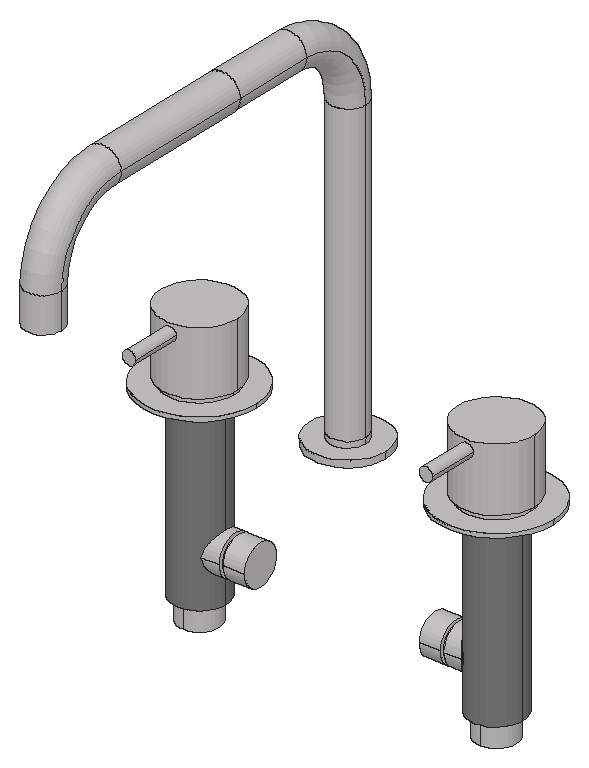
Revit family "KV4", category Generic Models, Revit 2021
Family settings
  Can host rebar = No
  Round Connector Dimension = Use Diameter
  Part Type = Normal
  Work Plane-Based = No
  Always vertical = Yes
  Cut with Voids When Loaded = No
  Shared = No
  Room Calculation Point = No
Parameters (values of type "Standard")
  e-mail = "info@vola.com"
  URL = "http://vola.com"
  Telephone = "+45 7023 5500"
  Quality management standard = "ISO 9001"
  Organisation no. / DUNS no. = "17531328"
  Occupational health and safety management standard = "ISO 18001"
  Mounting Instructions = "http://vola.com/service/producturl.ashx?name=KV4"
  Model = "KV4"
  Materials and components information = "http://vola.com/service/producturl.ashx?name=KV4"
  Manufacturer = "VOLA A/S"
  Maintenance Instructions = "http://vola.com/service/producturl.ashx?name=KV4"
  Guarantee = "2 years"
  Flow = "9,00 l/min"
  Environmental management standard = "ISO 14000"
  Default Elevation = 0.00 mm
  Connection - All relevant connections = "½\" for water connection"
  Approvals = "http://vola.com/service/producturl.ashx?name=KV4"
Reference planes
  plane 1 "Center (Front/Back)": y = 0
  plane 2: z = 0
  plane 3 "Center (Left/Right)": x = 0
Dimensions and locks
  aligned and locked: plane 2 to level
Nested families
  nested 1: "090" at (0, 0, 0), type "090"
  nested 2: "S50" at (78, 0, 0), type "S50"
  nested 3: "S50" at (-78, 0, 0) x (-1, 0, 0) z (0, 0, 1), type "S50"
  nested 4: "001" at (-78, 0, 0), type "001"
  nested 5: "001" at (78, 0, 0), type "001"
Connectors
  piping at (-78, 0, -110), diameter 20.9
    settings: on nested 3, index 1, connector inside diameter 0.82283", connector length 0.00 mm, flow factor 0, pipe flow 0 GPM, pressure drop 0.00 psi, fitting loss kfactor 0, connector angle 0.00°, fixture units 0, engagement length 0.00 mm, angle of deflection 0.00°, flow configuration 0, flow direction 1, fitting loss method 0, system type 19, joint type 0, gender type 0, connector reference index -1, connector utility 0, adjustable connector no, is connector primary yes, connector description ""
  piping at (78, 0, -110), diameter 20.9
    settings: on nested 2, index 2, connector inside diameter 0.82283", connector length 0.00 mm, flow factor 0, pipe flow 0 GPM, pressure drop 0.00 psi, fitting loss kfactor 0, connector angle 0.00°, fixture units 0, engagement length 0.00 mm, angle of deflection 0.00°, flow configuration 0, flow direction 1, fitting loss method 0, system type 20, joint type 0, gender type 0, connector reference index -1, connector utility 0, adjustable connector no, is connector primary no, connector description ""
Definition of nested family "090"
  Parameters
    e-mail = "info@vola.com"
    URL = "http://vola.com"
    Telephone = "+45 7023 5500"
    Quality management standard = "ISO 9001"
    Organisation no. / DUNS no. = "17531328"
    Occupational health and safety management standard = "ISO 18001"
    Mounting Instructions = "http://vola.com/service/producturl.ashx?name=090"
    Model = "090"
    Materials and components information = "http://vola.com/service/producturl.ashx?name=090"
    Manufacturer = "VOLA A/S"
    Maintenance Instructions = "http://vola.com/service/producturl.ashx?name=090"
    Guarantee = "2 years"
    Environmental management standard = "ISO 14000"
    Default Elevation = 0.00 mm
    Connection - All relevant connections = ""
    Approvals = "http://vola.com/service/producturl.ashx?name=090"
  Reference planes
    plane 1 "Center (Front/Back)": y = 0
    plane 2: z = 0
    plane 3 "Center (Left/Right)": x = 0
  Forms (mm)
    Sweep 1, solid
      path origin (0, 0, 0) x (0, 1, 0) y (0, 0, 1)
        loop
          line (0, 6.5) -> (0, 163)
          arc (0, 163) -> (-11.423, 190.577) -> (-39, 202) r 39
          line (-39, 202) -> (-82.5, 202)
      profile origin (0, 0, 84.75) x (0, -1, 0) y (1, 0, 0)
        loop
          circle (0, 0) r 9.5
    Extrusion 2, solid
      sketch origin (0, 0, 0) x (1, 0, 0) y (0, 1, 0)
        loop
          circle (0, 0) r 20
      from 0 to 3.5
    Extrusion 3, solid
      sketch origin (0, 0, 3.5) x (1, 0, 0) y (0, 1, 0)
        loop
          circle (0, 0) r 9.5
      from 0 to 3
    Sweep 4, solid
      path origin (0, 0, 0) x (0, 1, 0) y (0, 0, 1)
        loop
          line (-82.5, 202) -> (-161, 202)
          arc (-161, 202) -> (-188.577, 190.577) -> (-200, 163) r 39
      profile origin (0, -121.75, 202) x (0, 0, -1) y (1, 0, 0)
        loop
          circle (0, 0) r 9.5
    Extrusion 5, solid
      sketch origin (0, -200, 163) x (0, -1, 0) y (-1, 0, 0)
        loop
          circle (0, 0) r 9.5
      from 0 to 18.5
  Cuts and joins
    joined: Sweep 1, Extrusion 2
  Dimensions and locks
    aligned and locked: plane 2 to level
Definition of nested family "S50"
  Parameters
    e-mail = "info@vola.com"
    URL = "http://vola.com"
    Telephone = "+45 7023 5500"
    Quality management standard = "ISO 9001"
    Organisation no. / DUNS no. = "17531328"
    Occupational health and safety management standard = "ISO 18001"
    Mounting Instructions = "http://vola.com/service/producturl.ashx?name=S50"
    Model = "S50"
    Materials and components information = "http://vola.com/service/producturl.ashx?name=S50"
    Manufacturer = "VOLA A/S"
    Maintenance Instructions = "http://vola.com/service/producturl.ashx?name=S50"
    Guarantee = "2 years"
    Flow = "32,00 l/min"
    Environmental management standard = "ISO 14000"
    Default Elevation = 0.00 mm
    Connection - All relevant connections = "½\" for water connection"
    Approvals = "http://vola.com/service/producturl.ashx?name=S50"
  Reference planes
    plane 1 "Center (Front/Back)": y = 0
    plane 2: z = 0
    plane 3 "Center (Left/Right)": x = 0
  Forms (mm)
    Extrusion 1, solid
      sketch origin (0, 0, 2) x (1, 0, 0) y (0, 1, 0)
        loop
          circle (0, 0) r 18
      from 0 to 3
    Extrusion 2, solid
      sketch origin (0, 0, 5) x (1, 0, 0) y (0, 1, 0)
        loop
          circle (0, 0) r 20
      from 0 to 33.5
    Extrusion 3, solid
      sketch origin (0, 0, -1.25) x (1, 0, 0) y (0, 0, 1)
        loop
          circle (0, 34.5) r 3.5
      from 0 to 46
    Extrusion 4, solid
      sketch origin (0, 0, 0) x (1, 0, 0) y (0, 1, 0)
        loop
          circle (0, 0) r 14
      from 2 to -98
    Extrusion 5, solid
      sketch origin (0, 0, -98) x (0, 1, 0) y (1, 0, 0)
        loop
          circle (0, 0) r 9
      from 0 to 2
    Extrusion 6, solid
      sketch origin (0, 0, -100) x (-1, 0, 0) y (0, 1, 0)
        loop
          circle (0, 0) r 10.45
      from 10 to 0
    Extrusion 7, solid
      sketch origin (0, 0, 25) x (0, 1, 0) y (0, 0, 1)
        loop
          circle (0, -98) r 10.5
      from -19 to 0
    Extrusion 8, solid
      sketch origin (-19, 0, 25) x (0, -1, 0) y (0, 0, 1)
        loop
          circle (0, -98) r 9
      from 2 to 0
    Extrusion 9, solid
      sketch origin (-21, 0, 25) x (0, -1, 0) y (0, 0, 1)
        loop
          circle (0, -98) r 10.45
      from 11 to 0
    Extrusion 10, void
      sketch origin (0, 0, -98) x (1, 0, 0) y (0, 1, 0)
        loop
          circle (0, 0) r 14
      from 41.193 to 9.651
  Cuts and joins
    joined: Extrusion 2, Extrusion 3
    Extrusion 10 cuts Extrusion 5
    Extrusion 10 cuts Extrusion 7
  Lines and regions (mm)
    reference lines
      curve 1: line (0, 0, -110) -> (0, 0, -140)
      curve 2: line (-32, 0, -73) -> (-62, 0, -73)
    model lines
      curve 3: line (6.05, 19.063, 38.5) -> (6.05, -19.063, 38.5)
      curve 4: line (-6.05, -19.063, 38.5) -> (-6.05, 19.063, 38.5)
  Dimensions and locks
    aligned and locked: plane 2 to level
Definition of nested family "001"
  Parameters
    e-mail = "info@vola.com"
    URL = "http://vola.com"
    Telephone = "+45 7023 5500"
    Quality management standard = "ISO 9001"
    Organisation no. / DUNS no. = "17531328"
    Occupational health and safety management standard = "ISO 18001"
    Mounting Instructions = "http://vola.com/service/producturl.ashx?name=001"
    Model = "001"
    Materials and components information = "http://vola.com/service/producturl.ashx?name=001"
    Manufacturer = "VOLA A/S"
    Maintenance Instructions = "http://vola.com/service/producturl.ashx?name=001"
    Guarantee = "2 years"
    Environmental management standard = "ISO 14000"
    Default Elevation = 1219.20 mm
    Connection - All relevant connections = ""
    Approvals = "http://vola.com/service/producturl.ashx?name=001"
  Reference planes
    plane 1 "Center (Front/Back)": y = 0
    plane 2: z = 0
    plane 3 "Center (Left/Right)": x = 0
  Forms (mm)
    Extrusion 1, solid
      sketch origin (0, 0, 0) x (1, 0, 0) y (0, 1, 0)
        loop
          circle (0, 0) r 16.5
        loop
          circle (0, 0) r 30
      from 0 to 2
  Dimensions and locks
    aligned and locked: plane 2 to level
